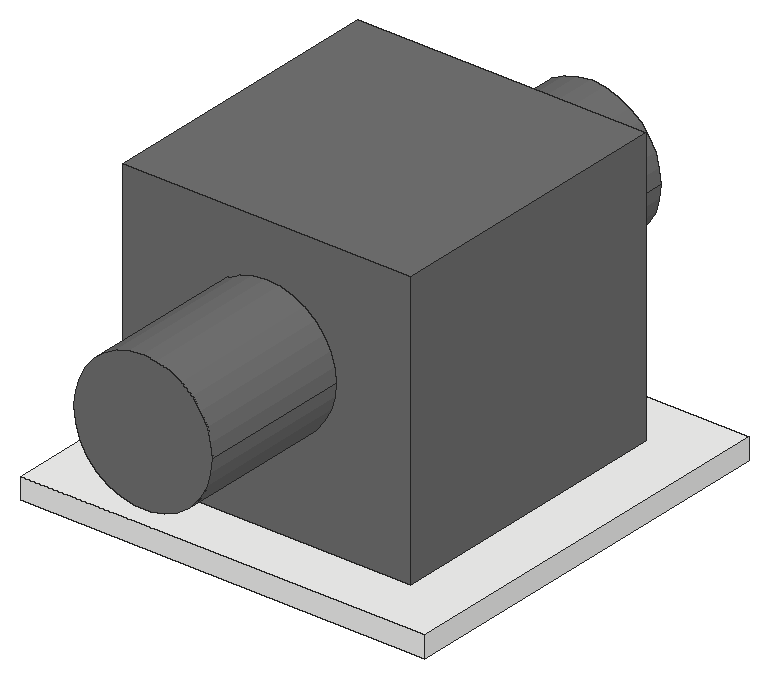
Revit family "vd-10zfc14_60Hz", category 機械設備, Revit 2019
Family settings
  丸型コネクタ寸法 = 直径を使用
  パーツ タイプ = 標準
  OmniClass 番号 = 23.75.35.17.27
  OmniClass タイトル = Centrifugal Fans
  作業面ベース = いいえ
  常に垂直 = はい
  ロード時にボイドで切り取り = いいえ
  共有 = いいえ
  部屋計算ポイント = はい
Parameters (values of type "VD-10ZFC14")
  騒音レベル(dB(A)) [instance] = 27.5
  風量 [instance] = 125.0 m³/h
  電源種別 [instance] = ""
  電圧 = 100 V
  電動機出力 = 0 W
  電動機_種別 [instance] = ""
  運転質量 = 0.00 kg
  連動 [instance] = ""
  質量 = if(製品質量 > 運転質量, 製品質量, 運転質量) * 1.2  # 2.40 kg
  負荷分類 = 3_ファン類
  説明 = "ダクト用換気扇 2部屋換気用 低騒音形"
  設計風量 [instance] = 0.0 m³/h
  設置方法 = "天埋"
  記号 [instance] = ""
  製造元 = "三菱電機株式会社"
  製品質量 = 2.00 kg
  製品出荷対象 = "国内"
  製品リリース年月 = "2024年6月3日"
  製品グループ = ""
  系統 [instance] = ""
  符号 [instance] = if(☑給気／□排気, "FS", "FE")  # "FE"
  積算_科目 = "2 換気設備"
  積算_拾い区分 [instance] = ""
  相 = 1
  盤記号 [instance] = ""
  発停方法 [instance] = ""
  特殊仕様 [instance] = ""
  火災停止 [instance] = ""
  消費電力 = 15.5 W
  法定耐用年数 = "15"
  機外静圧 [instance] = 0.0 Pa
  極数 = 2
  材質 [instance] = ""
  操作・制御方式 = ""
  操作・制御スイッチ = ""
  排気量 [instance] = if(☑給気／□排気, 0.0 m³/h, 設計風量)  # 0.0 m³/h
  形式 = "天井埋込ダクト形"
  幹線記号 [instance] = ""
  対象室 [instance] = ""
  実風量 [instance] = 0.0 m³/h
  始動方式 [instance] = "直入"
  外気量 [instance] = if(☑給気／□排気, 設計風量, 0.0 m³/h)  # 0.0 m³/h
  呼称 = "天井扇"
  周波数 = 60 Hz
  参照している仕様書等のバージョン = ""
  分類コード = "50052503100030"
  分類グループ = ""
  価格 = 31700
  企業コード = "108420"
  付属品_防振装置 = ""
  付属品 [instance] = ""
  仕様書バージョン = "Version1.0"
  モデル = "VD-10ZFC14"
  マテリアル = 合成樹脂(黒)
  ファンの種類 = ""
  ダクト径 = 100 mm
  コメント [instance] = ""
  Keynote = ""
  カバーマテリアル = 合成樹脂(白)
  ☑給気／□排気 [instance] = no
  Width = 204 mm
  W1 = 286 mm
  Version = ""
  Uniclass2015Version = "Systems v1.9"
  Uniclass2015Title = "Centrifugal fans"
  Uniclass2015Code = "Pr_65_67_29_12"
  URL = "https://www.mitsubishielectric.co.jp/ldg/wink/qr/002/333562/"
  SpecificationReference = ""
  SpecificationDescription = ""
  Revision = ""
  RAサイズ_D = 98 mm
  RA_Duct_Height = 109 mm
  RA_Duct_Depth = 79 mm
  ProductInformation = ""
  OmniClassCode = "23-33 31 19 11 15"
  MIN風量 = 0.0 m³/h
  MIN静圧 = 0.0 Pa
  MID風量 = 0.0 m³/h
  MID静圧 = 0.0 Pa
  MAX風量 = 125.0 m³/h
  MAX静圧 = 0.0 Pa
  IfcTypeProduct = ""
  IfcProduct = ""
  IfcExportType = "PROPELLORAXIAL"
  IfcExportAs = "IfcFanType"
  Height = 195 mm
  H1 = 15 mm
  EAサイズ_D = 98 mm
  EA_Duct_Height = 109 mm
  EA_Duct_Depth = 109 mm
  Duct_Height = 111 mm
  Duct_Depth = 114 mm
  Duct_Center = 0 mm
  Depth = 208 mm
  D1 = 286 mm
  Author = "三菱電機株式会社"
Reference planes
  plane 1 "中心(正面/背面)": y = 0
  plane 2: z = 0
  plane 3 "中心(左/右)": x = 0
  plane 4: x = -143
  plane 5: x = 143
  plane 6: y = 143
  plane 7: y = -143
  plane 8: x = -102
  plane 9: x = 102
  plane 10: y = 104
  plane 11: y = -104
  plane 12: y = -213
  plane 13: z = 195
  plane 14: z = -15
  plane 15: z = 109
  plane 16: x = 0
  plane 17: y = 183
  plane 18: z = 109
Forms (mm)
  Extrusion 1, solid, material "合成樹脂(黒)" <- "マテリアル", detail levels fine
    sketch origin (0, 0, 0) x (1, 0, 0) y (0, 1, 0)
      loop
        line (-102, 104) -> (-102, -104) -> (102, -104) -> (102, 104) -> (-102, 104)
    from 0 to 195
  Extrusion 2, solid, material "合成樹脂(白)" <- "カバーマテリアル", detail levels fine
    sketch origin (0, 0, 0) x (1, 0, 0) y (0, 1, 0)
      loop
        line (-143, 143) -> (-143, -143) -> (143, -143) -> (143, 143) -> (-143, 143)
    from 0 to -15
  Extrusion 3, solid, material "合成樹脂(黒)" <- "マテリアル", detail levels fine
    sketch origin (0, 0, 0) x (1, 0, 0) y (0, 0, 1)
      loop
        circle (0, 109) r 49
    from 104 to 213
  Extrusion 4, solid, material "合成樹脂(黒)" <- "マテリアル"
    sketch origin (0, 0, 0) x (1, 0, 0) y (0, 0, 1)
      loop
        circle (0, 109) r 49
    from -183 to -104
Dimensions and locks
  equal spacing: plane 4, plane 3 "中心(左/右)", plane 5
  "W1": plane 4 to plane 5
  equal spacing: plane 6, plane 1 "中心(正面/背面)", plane 7
  "D1": plane 6 to plane 7
  equal spacing: plane 8, plane 3 "中心(左/右)", plane 9
  "Width": plane 8 to plane 9
  equal spacing: plane 10, plane 1 "中心(正面/背面)", plane 11
  "Depth": plane 10 to plane 11
  "EA_Duct_Depth": plane 11 to plane 12
  "Height": plane 13 to plane 2
  "EA_Duct_Height": plane 15 to plane 2
  "H1": plane 2 to plane 14
  "Duct_Center": plane 3 "中心(左/右)" to plane 16
  "RA_Duct_Height": level to plane 18
  "RA_Duct_Depth": plane 17 to plane 10
  "EAサイズ_D": diameter of Extrusion 3 sketch curve
  "RAサイズ_D": diameter of Extrusion 4 sketch curve
  aligned and locked: level to plane 2
  aligned and locked: plane 5 to Extrusion 2
  aligned and locked: plane 6 to Extrusion 2
  aligned and locked: Extrusion 2 to plane 4
  aligned and locked: Extrusion 2 to plane 7
  aligned and locked: plane 9 to Extrusion 1
  aligned and locked: Extrusion 1 to plane 11
  aligned and locked: Extrusion 1 to plane 8
  aligned and locked: plane 10 to Extrusion 1
  aligned and locked: plane 13 to Extrusion 1
  aligned and locked: Extrusion 2 to plane 14
  aligned and locked: level to Extrusion 2
  aligned and locked: Extrusion 1 to level
  aligned and locked: Extrusion 3 to plane 12
  aligned and locked: plane 11 to Extrusion 3
  aligned and locked: plane 17 to Extrusion 4
  aligned and locked: Extrusion 4 to Extrusion 1
Automatic sketch dimensions
  Extrusion 1 sketch curve to plane 3 "中心(左/右)" = 102 mm
  plane 3 "中心(左/右)" to Extrusion 1 sketch curve = 102 mm
  Extrusion 2 sketch curve to plane 3 "中心(左/右)" = 143 mm
  plane 3 "中心(左/右)" to Extrusion 2 sketch curve = 143 mm
  plane 1 "中心(正面/背面)" to Extrusion 1 sketch curve = 104 mm
  Extrusion 1 sketch curve to plane 1 "中心(正面/背面)" = 104 mm
  plane 1 "中心(正面/背面)" to Extrusion 2 sketch curve = 143 mm
  Extrusion 2 sketch curve to plane 1 "中心(正面/背面)" = 143 mm
  Extrusion 3 sketch curve to plane 15 = 0 mm
  Extrusion 3 sketch curve to plane 16 = 0 mm
  Extrusion 4 sketch curve to plane 3 "中心(左/右)" = 0 mm
  Extrusion 4 sketch curve to plane 18 = 0 mm
Nested families
  nested 1: "記号_天井換気扇_平面" at (0, 0, 0), type "記号_天井換気扇_平面", detail levels coarse+medium
Connectors
  hvac at (0, -213, 109), driven by "ダクト径", driven by "風量", driven by "機外静圧"
    settings: on Extrusion 3, index 1, duct flow 125.0 m³/h, flow factor 0, pres drop 0.0 Pa, loss coef 0, conn angle 0.00°, conn width 304.8 mm, conn height 304.8 mm, conn diameter 100 mm, duct sys type 3, conn prof type 0, flow config 0, flow direction 2, loss method 4, conn ref index -1, conn util no, is conn primary yes, conn desc ""
  electrical at (0, 0, 195), driven by "極数", driven by "負荷分類", driven by "電圧", driven by "消費電力"
    settings: on Extrusion 1, index 2, voltage 100 V, apparent load 15.5 VA, apparent load phase1 0 VA, apparent load phase2 0 VA, apparent load phase3 0 VA, power factor 1, load classification "3_ファン類", number of poles 2, system type 30, power factor state 1, is connector primary yes, connector utility no, sub classification motor no, connector description ""
  hvac at (0, 183, 109), driven by "ダクト径", driven by "機外静圧", driven by "風量"
    settings: on Extrusion 4, index 3, duct flow 125.0 m³/h, flow factor 0, pres drop 0.0 Pa, loss coef 0, conn angle 0.00°, conn width 304.8 mm, conn height 304.8 mm, conn diameter 100 mm, duct sys type 2, conn prof type 0, flow config 0, flow direction 1, loss method 4, conn ref index -1, conn util no, is conn primary no, conn desc ""
Definition of nested family "記号_天井換気扇_平面"
  Reference planes
    plane 1: y = 0
    plane 2: x = 0
  Lines and regions (mm)
    detail lines
      curve 1: line (-2.5, 2.5, 0) -> (2.5, 2.5, 0)
      curve 2: line (-2.5, -2.5, 0) -> (-2.5, 2.5, 0)
      curve 3: line (2.5, -2.5, 0) -> (-2.5, -2.5, 0)
      curve 4: line (2.5, 2.5, 0) -> (2.5, -2.5, 0)
      curve 5: circle (-1.04, -1.04, 0) r 1.46 normal (0, 0, 1)
      curve 6: circle (1.04, 1.04, 0) r 1.46 normal (0, 0, 1)
      curve 7: line (-3.125, 3.125, 0) -> (3.125, 3.125, 0)
      curve 8: line (-3.125, -3.125, 0) -> (-3.125, 3.125, 0)
      curve 9: line (3.125, -3.125, 0) -> (-3.125, -3.125, 0)
      curve 10: line (3.125, 3.125, 0) -> (3.125, -3.125, 0)
      curve 11: circle (1.295, 1.295, 0) r 1.83 normal (0, 0, 1)
      curve 12: circle (-1.295, -1.295, 0) r 1.83 normal (0, 0, 1)
      curve 13: line (-2, 2, 0) -> (2, 2, 0)
      curve 14: line (-2, -2, 0) -> (-2, 2, 0)
      curve 15: line (2, -2, 0) -> (-2, -2, 0)
      curve 16: line (2, 2, 0) -> (2, -2, 0)
      curve 17: circle (0.84, 0.84, 0) r 1.16 normal (0, 0, 1)
      curve 18: circle (-0.84, -0.84, 0) r 1.2 normal (0, 0, 1)
